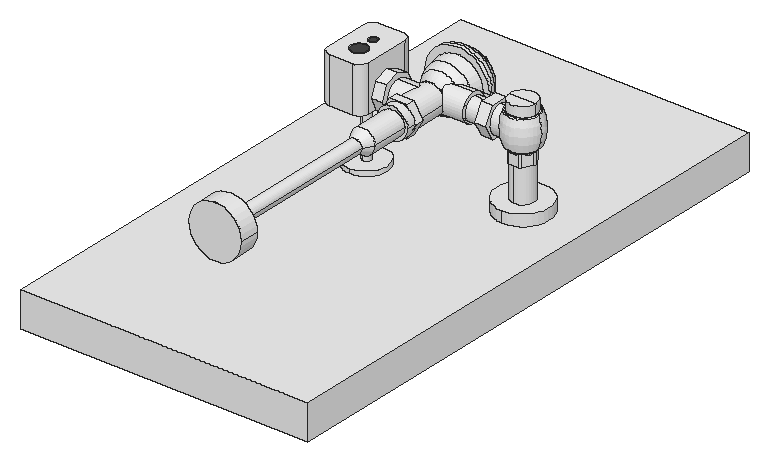
Revit family "Flush_Valve-Sensor-Hardwired-Zurn-Exposed-Urinal-ZEMS6003-IS", category Plumbing Fixtures, host Face, Revit 2022
Family settings
  Host = Face
  Round Connector Dimension = Use Radius
  Part Type = Normal
  OmniClass Number = 23.45.05.14.99
  OmniClass Title = Other Sanitary Washing Plumbing Fixtures
  Cut with Voids When Loaded = No
  Maintain Annotation Orientation = No
  Shared = No
  Room Calculation Point = No
Parameters (values of type "Load Family Type Catalog")
  Waste Connection = 1 = 0  # no
  WFU = 0  # constant formula
  Vent Connection = 1 = 0  # no
  Valve Height [instance] = 16.00"
  Type Comments = "ZEMS6003-ULF-IS (0.125 GPF, 11-1/2\" R-I)"
  Repair Parts URL = "https://files.zurn.com/care-cleaning-install-warranty-sheets/fv343.pdf#page=9"
  Product data URL = "https://www.bimobject.com/en-us/zurnindustries/product/zurn_zems6003-is"
  Product Page URL = "https://www.zurn.com/products/finish-plumbing/sensor-flush-valves/gear-driven-hardwire/zems6003-is"
  Product Installation Sheet URL = "https://files.zurn.com/care-cleaning-install-warranty-sheets/fv343.pdf"
  Product Documentation Link = "https://files.zurn.com/spec-sheets/ss-zems6003-is.pdf"
  Operating Water Pressure (PSI) = "25 – 80 PSI (172 – 552 kPa)"  # constant formula
  Modified Date = "01/08/2026"  # constant formula
  Max Working Water Temperature = 104 °F  # constant formula
  Manufacturer Brand = "Zurn"  # constant formula
  Main Material = Chrome-Plated Brass - Zurn - Polished
  Inlet Connection Size (inch) = 1.00"
  HWFU = 0  # constant formula
  HW Connection = 1 = 0  # no
  Flush Rate (GPF) = "0.125 GPF"
  Enter Value of  Centerline of Flush Valve to Wall (2.25- 4.25) [instance] = 5.00"
  URL = "https://www.zurn.com/"
  Model = "ZEMS6003-IS"  # constant formula
  Manufacturer = "Zurn Water, LLC"  # constant formula
  Description = "Exposed Hardwired Automatic Sensor Flush Valve Urinal with Integral Sensor"  # constant formula
  Default Elevation = 48.00"
  Date Created = "01/08/2026"  # constant formula
  Centerline of Stop Valve to Centerline of Flush Valve = 4.75"  # constant formula
  Centerline of Flush Valve to Wall [instance] = if([Enter Value of  Centerline of Flush Valve to Wall (2.25- 4.25)] < 2.25", 2.25", if([Enter Value of  Centerline of Flush Valve to Wall (2.25- 4.25)] > 4.25", 4.25", [Enter Value of  Centerline of Flush Valve to Wall (2.25- 4.25)]))  # 4.25"
  CWFU = 1  # constant formula
  CW Connection = 1 = 1  # yes
  Assembly Code = "D2010.60"
  Activation Method = "Sensor Operated"  # constant formula
Reference planes (in)
  plane 1 "Center (Front/Back)": y = 0
  plane 2: z = 0
  plane 3 "Center (Left/Right)": x = 0
  plane 4: y = 0
  plane 5: x = 4.75
  plane 6: z = 4.25
  plane 7: z = 4.25
  plane 8: x = 1.44
  plane 9: z = 4.25
  plane 10: y = 22.38
  plane 11: x = -1.2
  plane 12: x = -1.5
  plane 13: y = 13.63
  plane 14: y = 13.13
  plane 15: y = 12.63
  plane 16: z = -2
  plane 17: y = 16
  plane 18: z = 0.625
  plane 19: y = 10.515
  plane 20: y = 9.95
  plane 21: z = 0.25
  plane 22: y = 14.9793
Forms (in)
  Extrusion 1, solid, material "Chrome-Plated Brass - Zurn - Polished" <- "Main Material"
    sketch origin (20.08675, -5.08734, 0) x (1, 0, 0) y (0, 1, 0)
      loop
        line (-28.30267, 32.83734) -> (-28.30267, 1.43535) -> (-11.87083, 1.43535) -> (-11.87083, 32.83734) -> (-28.30267, 32.83734)
    from 0 to -2
  Revolve 2, solid, material "Chrome-Plated Brass - Zurn - Polished" <- "Main Material"
    sketch origin (3.14024, -180, 4.25) x (-1, 0, 0) y (0, -1, 0)
      loop
        line (3.14024, -192.63) -> (3.14024, -181.34) -> (2.76024, -181.34) -> (2.76024, -189.95) -> (2.45274, -190.515) -> (2.45274, -192.63) -> (3.14024, -192.63)
      axis (3.14024, -192.63) -> (3.14024, -181.34)
    angle from 0 to 360
  Extrusion 3, solid, material "Chrome-Plated Brass - Zurn - Polished" <- "Main Material", detail levels fine
    sketch origin (-21.97181, 22.38, 48) x (-1, 0, 0) y (0, 0, 1)
      loop
        line (-22.4168, -42.871) -> (-22.92429, -43.75) -> (-22.4168, -44.629) -> (-21.33031, -44.629) -> (-20.82733, -43.86605) -> (-21.40182, -42.871) -> (-22.4168, -42.871)
    from -8.75 to -9.25
  Extrusion 4, solid, material "Chrome-Plated Brass - Zurn - Polished" <- "Main Material", detail levels fine
    sketch origin (0, 0, 0) x (1, 0, 0) y (0, 0, 1)
      loop
        circle (0, 4.25) r 0.86693
    from -13.13 to -12.63
  Extrusion 5, solid, material "Chrome-Plated Brass - Zurn - Polished" <- "Main Material"
    sketch origin (0, 18.18451, 4.25) x (0, 1, 0) y (-1, 0, 0)
      loop
        circle (-2.18451, -4.75) r 1.5
    from -3.625 to -4.25
  Extrusion 6, solid, material "Chrome-Plated Brass - Zurn - Polished" <- "Main Material"
    sketch origin (0, 18.18451, 4.25) x (0, 1, 0) y (-1, 0, 0)
      loop
        circle (-2.18451, -4.75) r 0.625
    from 0 to -3.625
  Extrusion 7, solid, material "Chrome-Plated Brass - Zurn - Polished" <- "Main Material", detail levels coarse+medium
    sketch origin (0, 0, 0) x (1, 0, 0) y (0, 0, 1)
      loop
        circle (0, 4.25) r 1.08
    from -13.63 to -12.63
  Extrusion 8, solid, material "Chrome-Plated Brass - Zurn - Polished" <- "Main Material"
    sketch origin (0, 18.18451, 4.25) x (0, 1, 0) y (-1, 0, 0)
      loop
        circle (-3.20521, 3.3665) r 0.25
    from -4.25 to 0.879
  Extrusion 9, solid, material "Chrome-Plated Brass - Zurn - Polished" <- "Main Material"
    sketch origin (0, 18.18451, 4.25) x (0, 1, 0) y (-1, 0, 0)
      loop
        circle (-3.20521, 3.3665) r 1.2
    from -4.25 to -4
Lines and regions (in)
  Masking region 1
    outline origin (0, 0, 0) x (1, 0, 0) y (0, 0, 1)
      loop
        line (-2.14, 5.3063) -> (-2.14, 6.1) -> (-4.5305, 6.1) -> (-4.5305, 0) -> (-2.2025, 0) -> (-2.2025, 3.1937) -> (-1.5, 3.1937)
        arc (-1.5, 3.1937) -> (0.15878, 2.42228) -> (1.65968, 3.4682) r 1.8346
        line (1.65968, 3.4682) -> (2.82524, 3.4682) -> (2.82524, 3.24) -> (3.67284, 3.24) -> (3.67284, 0.625) -> (3.25, 0.625) -> (3.25, 0) -> (6.25, 0) -> (6.25, 0.625) -> (5.84, 0.625) -> (5.84, 5.7) -> (3.66, 5.7) -> (3.66, 5.26) -> (2.82524, 5.26) -> (2.82524, 5.03116) -> (1.65999, 5.03116)
        arc (1.65999, 5.03116) -> (0.15914, 6.07769) -> (-1.5, 5.3063) r 1.8346
        line (-1.5, 5.3063) -> (-2.14, 5.3063)
  symbolic lines, detail levels fine
    curve 1: arc (16.13166, 1.53838, 0) -> (16.10438, 1.57544, 0) -> (16.06088, 1.56041, 0) r 0.03882
    curve 2: arc (16.01901, -1.49785, 0) -> (16.0878, -1.52321, 0) -> (16.13166, -1.46447, 0) r 0.06127
Dimensions and locks (in)
  locked: plane 4 to plane 1 "Center (Front/Back)"
  "Centerline of Stop Valve to Centerline of Flush Valve": plane 3 "Center (Left/Right)" to plane 5
  "Centerline of Flush Valve to Wall": plane 6 to Extrusion 1
  locked: plane 7 to plane 6
  locked: plane 3 "Center (Left/Right)" to plane 8 at 1.44
  locked: nested 2 to plane 9 at 1.45
  locked: nested 3 to Revolve 2 sketch curve at 0.75
  locked: plane 11 to plane 3 "Center (Left/Right)" at 1.2
  locked: plane 12 to plane 3 "Center (Left/Right)" at 1.5
  locked: plane 14 to plane 15 at 0.5
  equal spacing: Extrusion 1 sketch curve, plane 3 "Center (Left/Right)", Extrusion 1 sketch curve
  locked: Extrusion 1 sketch curve to Extrusion 1 sketch curve at 16.43183
  locked: plane 4 to Extrusion 1 sketch curve at 3.652
  locked: level to plane 16 at 2
  "Valve Height": plane 17 to plane 4
  locked: plane 18 to level at 0.625
  locked: plane 15 to plane 19 at 2.115
  locked: plane 15 to plane 20 at 2.68
  locked: plane 13 to plane 14 at 0.5
  locked: plane 17 to plane 13 at 2.37
  equal spacing: Masking region 1 sketch curve, nested 3, Masking region 1 sketch curve
  locked: Masking region 1 sketch curve to Masking region 1 sketch curve at 2.1126
  equal spacing: Masking region 1 sketch curve, plane 5, Masking region 1 sketch curve  (x2)
  locked: Masking region 1 sketch curve to Masking region 1 sketch curve at 2.18
  locked: Masking region 1 sketch curve to Masking region 1 sketch curve at 3
  equal spacing: Masking region 1 sketch curve, plane 9, Masking region 1 sketch curve
  locked: Masking region 1 sketch curve to Masking region 1 sketch curve at 2.02
  locked: plane 21 to Extrusion 1 at 0.25
  locked: plane 17 to plane 22 at 1.0207
  locked: plane 3 "Center (Left/Right)" to Revolve 2 sketch curve at 0.38
  aligned and locked: nested 1 to plane 3 "Center (Left/Right)"
  aligned and locked: nested 1 to plane 4
  aligned and locked: nested 1 to plane 7
  aligned and locked: nested 3 to plane 6
  aligned and locked: plane 7 to plane 9
  aligned and locked: Revolve 2 sketch curve to plane 3 "Center (Left/Right)"
  aligned and locked: Extrusion 3 sketch curve to nested 3  (x5)
  aligned and locked: Extrusion 3 to plane 14
  aligned and locked: nested 1 to Extrusion 4 sketch curve  (x2)
  aligned and locked: Extrusion 4 to Extrusion 3
  aligned and locked: Extrusion 4 to plane 15
  aligned and locked: plane 17 to nested 2
  aligned and locked: plane 5 to Extrusion 5 sketch curve
  aligned and locked: plane 17 to Extrusion 5 sketch curve
  aligned and locked: Extrusion 5 to Extrusion 1
  aligned and locked: plane 18 to Extrusion 5
  aligned and locked: nested 2 to Extrusion 6 sketch curve
  aligned and locked: plane 17 to Extrusion 6 sketch curve
  aligned and locked: Extrusion 6 to Extrusion 5
  aligned and locked: nested 3 to Extrusion 6
  aligned and locked: Revolve 2 sketch curve to Extrusion 4
  aligned and locked: Revolve 2 sketch curve to Revolve 2 sketch curve
  aligned and locked: nested 3 to plane 17
  aligned and locked: plane 13 to Extrusion 3
  aligned and locked: nested 1 to Extrusion 7 sketch curve  (x2)
  aligned and locked: plane 13 to Extrusion 7
  aligned and locked: Extrusion 7 to plane 15
  aligned and locked: Masking region 1 sketch curve to nested 2  (x3)
  aligned and locked: Extrusion 1 to Masking region 1 sketch curve
  aligned and locked: Masking region 1 sketch curve to Extrusion 5  (x2)
  aligned and locked: plane 3 "Center (Left/Right)" to Masking region 1 sketch curve
  aligned and locked: nested 1 to Masking region 1 sketch curve  (x3)
  aligned and locked: Extrusion 8 to Extrusion 1
  aligned and locked: Extrusion 3 to Extrusion 8
  aligned and locked: Extrusion 9 to Extrusion 1
  aligned and locked: Extrusion 9 to plane 21
  aligned and locked: nested 4 to nested 3
  aligned and locked: plane 22 to nested 4
  aligned and locked: nested 4 to nested 4
  aligned and locked: nested 4 to plane 7
  aligned and locked: plane 20 to Revolve 2 sketch curve
  aligned and locked: plane 19 to Revolve 2 sketch curve
  aligned and locked: Revolve 2 sketch curve to nested 1
Automatic sketch dimensions
  plane 1 "Center (Front/Back)" to curve 2 = 1.46447"
  plane 5 to curve 2 = 11.32039"
  curve 2 to curve 1 = 0.02245"
  curve 1 to plane 1 "Center (Front/Back)" = 1.53838"
  curve 2 to curve 2 = 0.05138"
  curve 1 to curve 1 = 0.03196"
  curve 1 to curve 1 = 0.03882"
  curve 2 to curve 2 = 0.06127"
  Extrusion 3 sketch curve to plane 3 "Center (Left/Right)" = 0.6415"
  Extrusion 3 sketch curve to plane 6 = 0.11605"
  Extrusion 1 sketch curve to Extrusion 1 sketch curve = 31.402"
  Extrusion 8 sketch curve to plane 17 = 1.0207"
  Extrusion 8 sketch curve to plane 12 = 1.8665"
  Extrusion 9 sketch curve to plane 17 = 1.0207"
  Extrusion 9 sketch curve to plane 12 = 1.8665"
  Masking region 1 sketch curve to level = 0.00"
  Masking region 1 sketch curve to plane 12 = 0.00"  (x2)
  Masking region 1 sketch curve to Masking region 1 sketch curve = 0.64"
  Masking region 1 sketch curve to Masking region 1 sketch curve = 0.7025"
  plane 8 to Masking region 1 sketch curve = 0.21968"
  plane 8 to Masking region 1 sketch curve = 0.21999"
  Masking region 1 sketch curve to Masking region 1 sketch curve = 0.8476"
  Masking region 1 sketch curve to Masking region 1 sketch curve = 0.7937"
  Masking region 1 sketch curve to Masking region 1 sketch curve = 2.328"
  Revolve 2 sketch curve to plane 15 = 0.00"
  plane 1 "Center (Front/Back)" to Revolve 2 sketch curve = 0.69"
  radius of Extrusion 4 sketch curve = 0.86693"
  radius of Extrusion 5 sketch curve = 1.50"
  radius of Extrusion 6 sketch curve = 0.625"
  radius of Extrusion 7 sketch curve = 1.08"
  radius of Extrusion 8 sketch curve = 0.25"
  radius of Extrusion 9 sketch curve = 1.20"
Nested families (in)
  nested 1: "1.Part_Tube_ genric" at (0, -3.28111, 4.25) x (-1, 0, 0) z (0, 1, 0), type "1.Part_Tube_ genric"
  nested 2: "3. Stop Valve" at (4.75, 16, 4.2375) x (-1, 0, 0) z (0, 0, 1), type "Family2"
  nested 3: "Manual FV-Head" at (-0.0625, 13.6333, 4.25) x (-1, 0, 0) z (0, 1, 0), type "Manual FV-Head"
  nested 4: "-IS Actuator" at (-3.3665, 9.89319, 6.1) x (1, 0, 0) z (0, 1, 0), type "-IS Actuator"
Connectors (in)
  piping at (4.75, 16, 0), diameter 2, driven by "Inlet Connection Size (inch)", driven by "CW Connection"
    settings: on Extrusion 5, index 1, connector inside diameter 24", connector length 0.00", flow factor 0, pipe flow 0 GPM, pressure drop 0.00 psi, fitting loss kfactor 0, connector angle 0.00°, fixture units 0, engagement length 0.00", angle of deflection 0.00°, flow configuration 0, flow direction 1, fitting loss method 0, system type 20, joint type 0, gender type 0, connector reference index -1, connector utility 1, adjustable connector no, is connector primary yes, connector description "Domestic Water inlet"
Definition of nested family "1.Part_Tube_ genric"
  Parameters (values of type "1.Part_Tube_ genric")
    Default Elevation = 48.00"
  Reference planes (in)
    plane 1 "Center (Front/Back)": y = 0
    plane 2: z = 3.28111
    plane 3 "Center (Left/Right)": x = 0
    plane 4: x = -1.5
    plane 5: x = 1.5
    plane 6: z = 4.37111
    plane 7: z = 4.62111
  Forms (in)
    Extrusion 1, solid, detail levels fine
      sketch origin (0, 0, 3.28111) x (1, 0, 0) y (0, 1, 0)
        loop
          circle (0, 0) r 1.5
      from 0 to 1.09
    Extrusion 2, solid, detail levels fine
      sketch origin (0, 0, 3.28111) x (1, 0, 0) y (0, 1, 0)
        loop
          line (1.14898, -0.00001) -> (0.57452, 0.995) -> (-0.57453, 0.995) -> (-1.14898, 0.00001) -> (-0.57452, -0.995) -> (0.57453, -0.995) -> (1.14898, -0.00001)
      from 1.09 to 1.34
    Revolve 3, solid, detail levels coarse+medium
      sketch origin (0, 0, 0) x (1, 0, 0) y (0, 0, 1)
        loop
          line (-1.14898, 4.62111) -> (-1.14898, 4.37111) -> (-1.5, 4.37111) -> (-1.5, 3.28111) -> (0, 3.28111) -> (0, 4.62111) -> (-1.14898, 4.62111)
        axis (0, 4.62111) -> (0, 3.28111)
      angle from 0 to 360
  Dimensions and locks (in)
    equal spacing: plane 5, plane 3 "Center (Left/Right)", plane 4, locked at 1.5 each
    locked: plane 3 "Center (Left/Right)" to plane 4 at 1.5
    locked: plane 6 to level at 1.09
    locked: plane 7 to plane 6 at 0.25
    equal spacing: Extrusion 2 sketch curve, plane 1 "Center (Front/Back)", Extrusion 2 sketch curve
    locked: Extrusion 2 sketch curve to Extrusion 2 sketch curve at 1.99
    equal spacing: Extrusion 2 sketch curve, plane 3 "Center (Left/Right)", Extrusion 2 sketch curve  (x2)
    locked: Extrusion 2 sketch curve to Extrusion 2 sketch curve at 1.99011
    locked: Extrusion 2 sketch curve to Extrusion 2 sketch curve at 1.99009
    locked: Extrusion 2 sketch curve to Extrusion 2 sketch curve (angle 120.00°)  (x5)
    angle Extrusion 2 sketch curve to Extrusion 2 sketch curve = 120.00°
    aligned and locked: plane 2 to level
    aligned and locked: plane 3 "Center (Left/Right)" to Extrusion 1 sketch curve
    aligned and locked: plane 1 "Center (Front/Back)" to Extrusion 1 sketch curve
    aligned and locked: plane 6 to Extrusion 1
    aligned and locked: plane 7 to Extrusion 2
    aligned and locked: Extrusion 2 to Extrusion 1
    aligned and locked: Revolve 3 sketch curve to Extrusion 2
    aligned and locked: plane 6 to Revolve 3 sketch curve
    aligned and locked: Revolve 3 sketch curve to plane 4
    aligned and locked: Revolve 3 sketch curve to level
    aligned and locked: Revolve 3 sketch curve to plane 3 "Center (Left/Right)"  (x2)
    aligned and locked: Extrusion 2 to Revolve 3 sketch curve
  Automatic sketch dimensions
    Revolve 3 sketch curve to level = 0.41"
    plane 7 to Revolve 3 sketch curve = 0.50"
    radius of Extrusion 1 sketch curve = 1.50"
Definition of nested family "3. Stop Valve"
  Parameters (values of type "Family2")
    Default Elevation = 0.00"
  Reference planes (in)
    plane 1 "Center (Front/Back)": y = 0
    plane 2: z = 0
    plane 3 "Center (Left/Right)": x = 0
  Dimensions and locks (in)
    aligned and locked: plane 2 to level
  Nested families (in)
    nested 1: "Stop Valve_ plumbing Fixture_ Genric Template" at (0, 0, 0) x (-1, 0, 0) z (0, -1, 0), type "3.Part_ Stop Valve"
  Definition of nested family "Stop Valve_ plumbing Fixture_ Genric Template"
    Parameters (values of type "3.Part_ Stop Valve")
      Stop Body Finish = none
      Default Elevation = 48.00"
      Assembly Code = ""
    Reference planes (in)
      plane 1 "Center (Front/Back)": y = 0
      plane 2: z = 0
      plane 3 "Center (Left/Right)": x = 0
      plane 4: x = -3.1
      plane 5 "Middle Plane": z = 0
      plane 6: x = 0
      plane 7: x = -3.1
    Forms (in)
      Revolve 1, solid, material <- "Stop Body Finish", detail levels fine
        sketch origin (5.11008, 2.28141, 0) x (-1, 0, 0) y (0, -1, 0)
          loop
            line (4.36008, 3.18991) -> (4.25498, 3.18991)
            arc (4.25498, 3.18991) -> (4.22986, 3.18245) -> (4.21289, 3.16248) r 0.046
            arc (4.21289, 3.16248) -> (4.03022, 2.31942) -> (4.19363, 1.47241) r 2.15
            line (4.19363, 1.47241) -> (4.27508, 1.47241)
            arc (4.27508, 1.47241) -> (4.36347, 1.4358) -> (4.40008, 1.34741) r 0.125
            line (4.40008, 1.34741) -> (4.40008, 1.29134) -> (4.46008, 1.18741) -> (5.11008, 1.18741) -> (5.11008, 3.74391) -> (4.36008, 3.74391) -> (4.36008, 3.18991)
          axis (5.11008, 3.74391) -> (5.11008, 1.18741)
        angle from 0 to 360
      Revolve 2, solid, material <- "Stop Body Finish", detail levels fine
        sketch origin (5.11008, 2.29491, 0) x (-1, 0, 0) y (0, -1, 0)
          loop
            line (6.40484, 2.29491) -> (6.40484, 3.07741) -> (4.98008, 3.07741) -> (4.98008, 2.29491) -> (6.40484, 2.29491)
          axis (4.98008, 2.29491) -> (6.40484, 2.29491)
        angle from 0 to 360
      Extrusion 3, solid, material <- "Stop Body Finish", detail levels fine
        sketch origin (0, 0.96642, 0) x (1, 0, 0) y (0, 0, -1)
          loop
            line (-0.70575, -0.07761) -> (-0.42009, -0.57239)
            arc (-0.42009, -0.57239) -> (-0.355, -0.61488) -> (-0.28566, -0.65) r 0.71
            line (-0.28566, -0.65) -> (0.28566, -0.65)
            arc (0.28566, -0.65) -> (0.355, -0.61488) -> (0.42009, -0.57239) r 0.71
            line (0.42009, -0.57239) -> (0.70575, -0.07761)
            arc (0.70575, -0.07761) -> (0.71, 0) -> (0.70575, 0.07761) r 0.71
            line (0.70575, 0.07761) -> (0.42009, 0.57239)
            arc (0.42009, 0.57239) -> (0.355, 0.61488) -> (0.28566, 0.65) r 0.71
            line (0.28566, 0.65) -> (-0.28566, 0.65)
            arc (-0.28566, 0.65) -> (-0.355, 0.61488) -> (-0.42009, 0.57239) r 0.71
            line (-0.42009, 0.57239) -> (-0.70575, 0.07761)
            arc (-0.70575, 0.07761) -> (-0.71, 0) -> (-0.70575, -0.07761) r 0.71
        from 0 to 0.70508
      Extrusion 4, solid, material <- "Stop Body Finish", detail levels fine
        sketch origin (-1.29476, 0, 0) x (0, 0, -1) y (0, -1, 0)
          loop
            line (-0.50085, 0.8675) -> (-1.0017, 0) -> (-0.50085, -0.8675) -> (0.50085, -0.8675) -> (1.0017, 0) -> (0.50085, 0.8675) -> (-0.50085, 0.8675)
        from 0 to 0.63
      Extrusion 5, solid, detail levels fine
        sketch origin (-1.92476, 0, 0) x (0, 0, -1) y (0, -1, 0)
          loop
            circle (0, 0) r 0.6385
        from 0 to 1.17524
      Extrusion 6, solid, detail levels coarse+medium
        sketch origin (0, 0, 0) x (1, 0, 0) y (0, 0, 1)
          loop
            circle (0, 0) r 1.085
        from 1.4625 to -1.6715
      Revolve 7, solid, detail levels coarse+medium
        sketch origin (0, 0, 0) x (1, 0, 0) y (0, 1, 0)
          loop
            line (-3.1, 0) -> (0, 0) -> (0, 0.7825) -> (-1.29476, 0.7825) -> (-1.29476, 0.995) -> (-1.92476, 0.995) -> (-1.92476, 0.64096) -> (-3.1, 0.64096) -> (-3.1, 0)
          axis (-3.1, 0) -> (0, 0)
        angle from 0 to 360
    Cuts and joins
      joined: Revolve 1, Revolve 2, Extrusion 3, Extrusion 4
    Lines and regions (in)
      model lines, not visible
        curve 1: circle (0, -1.4625, 0) r 0.75 normal (0, -1, 0)
        curve 2: circle (0, 1.6715, 0.02784) r 0.71055 normal (0, -1, 0)
        curve 3: line (-1.29476, -0.7825, 0) -> (-0.93627, -0.7825, 0)
        curve 4: line (-0.93627, -0.7825, 0) -> (-0.89082, -0.9085, 0)
        curve 5: line (-0.75, -1.4625, 0) -> (-0.75, -0.9085, 0)
        curve 8: arc (0.86386, -0.9085, 0) -> (1.07581, -0.05543, 0) -> (0.91645, 0.809, 0) r 2.07986
        curve 9: line (0.71055, 1.6715, 0) -> (0.71055, 0.809, 0)
        curve 10: line (-0.71, 1.6715, 0) -> (-0.71, 0.809, 0)
        curve 11: line (-0.92722, 0.7825, 0) -> (-1.29476, 0.7825, 0)
      model lines, not visible, detail levels coarse+medium
        curve 6: line (0.75, -1.4625, 0) -> (0.75, -0.9085, 0)
        curve 7: line (0.75, -0.9085, 0) -> (0.86386, -0.9085, 0)
    Dimensions and locks (in)
      plane 3 "Center (Left/Right)" to plane 4 = 3.10"
      locked: plane 1 "Center (Front/Back)" to Revolve 7 sketch curve at 0.64096
      plane 1 "Center (Front/Back)" to Revolve 7 sketch curve = 0.995"
      locked: plane 5 "Middle Plane" to level
      locked: plane 6 to plane 3 "Center (Left/Right)"
      locked: plane 7 to plane 6 at 3.1
      aligned and locked: level to plane 2
      aligned and locked: plane 1 "Center (Front/Back)" to Extrusion 5 sketch curve
      aligned and locked: level to Extrusion 5 sketch curve
      aligned and locked: Extrusion 5 to plane 4
      aligned and locked: plane 3 "Center (Left/Right)" to Extrusion 6 sketch curve
      aligned and locked: level to Extrusion 6 sketch curve
      aligned and locked: Extrusion 6 to curve 2
      aligned and locked: Extrusion 6 to curve 1
      aligned and locked: Revolve 7 sketch curve to plane 3 "Center (Left/Right)"
      aligned and locked: plane 1 "Center (Front/Back)" to Revolve 7 sketch curve  (x2)
      aligned and locked: Revolve 7 sketch curve to cut or joined group of Revolve 1, Revolve 2, Extrusion 3, Extrusion 4  (x2)
      aligned and locked: Revolve 7 sketch curve to curve 11
      aligned and locked: plane 4 to Revolve 7 sketch curve
Definition of nested family "Manual FV-Head"
  Parameters (values of type "Manual FV-Head")
    Repair Parts URL = ""
    Product data URL = ""
    Product Weight (lbs) = 0
    Product Page URL = ""
    Product Installation Sheet URL = ""
    Product Documentation Link = ""
    Operating Water Pressure (PSI) = ""
    Modified Date = ""
    Max Working Water Temperature = -459.67 °F
    Manufacturer Brand = ""
    Main Material = none
    Inlet Connection Size (inch) = 0.00"
    Flush Rate (GPF) = ""
    Flow Rate (GPM) = 0 GPM
    Default Elevation = 48.00"
    Date Created = ""
    Aerator Flow Rate (GPM) = 0.0 gal
    Activation Method = ""
  Reference planes (in)
    plane 1 "Center (Front/Back)": y = 0
    plane 2: z = 0
    plane 3 "Center (Left/Right)": x = 0
    plane 4: z = 3.703
    plane 5: z = 4.843
    plane 6: x = 1.8325
    plane 7: x = 1.25
    plane 8: z = 4.07
    plane 9: z = 4.843
    plane 10: z = 5.113
    plane 11: x = -1.452
    plane 12: x = -0.8395
    plane 13: z = 2.69
    plane 14: z = 1.346
    plane 15: z = 1.261
    plane 16: x = 1.45
    plane 17: x = 2.14
    plane 18: x = 2.74
    plane 19: x = 5.75
    plane 20: z = 2.3667
    plane 21: x = -2
  Forms (in)
    Revolve 1, solid, material <- "Main Material", detail levels fine
      sketch origin (0, 0, 0) x (1, 0, 0) y (0, 0, 1)
        loop
          line (0, 3.703) -> (1.8325, 3.703) -> (1.8325, 3.9027)
          arc (1.8325, 3.9027) -> (1.80666, 4.06135) -> (1.73182, 4.20361) r 0.5
          line (1.73182, 4.20361) -> (1.40003, 4.64391)
          arc (1.40003, 4.64391) -> (1.22381, 4.79047) -> (1.00071, 4.843) r 0.5
          line (1.00071, 4.843) -> (0, 4.843) -> (0, 3.703)
        axis (0, 4.843) -> (0, 3.703)
      angle from 0 to 360
    Extrusion 2, solid, material <- "Main Material", detail levels fine
      sketch origin (0, 0, 0) x (1, 0, 0) y (0, 1, 0)
        loop
          line (-0.50749, 0.879) -> (-1.01498, 0) -> (-0.50749, -0.879) -> (0.50749, -0.879) -> (1.01498, 0) -> (0.50749, 0.879) -> (-0.50749, 0.879)
      from 4.843 to 5.113
    Revolve 3, solid, material <- "Main Material", detail levels fine
      sketch origin (0, 0, 0) x (1, 0, 0) y (0, 0, 1)
        loop
          line (0, 1.8) -> (0, 3.703) -> (-1.452, 3.703) -> (-1.33315, 2.99744)
          arc (-1.33315, 2.99744) -> (-1.25374, 2.71616) -> (-1.11572, 2.45853) r 1.35193
          arc (-1.11572, 2.45853) -> (-0.91135, 2.15706) -> (-0.8395, 1.8) r 0.92309
          line (-0.8395, 1.8) -> (0, 1.8)
        axis (0, 3.703) -> (0, 1.8)
      angle from 0 to 360
    Extrusion 4, solid, material <- "Main Material"
      sketch origin (0, 0, 0) x (0, 1, 0) y (0, 0, 1)
        loop
          circle (0, 1.261) r 0.764
      from 0 to 1.45
    Extrusion 5, solid, material <- "Main Material"
      sketch origin (0, 0, 0) x (0, 1, 0) y (0, 0, 1)
        loop
          circle (0, 1.261) r 0.639
      from 2.14 to 2.74
    Extrusion 6, solid, material <- "Main Material", detail levels coarse+medium
      sketch origin (0, 0, 0) x (0, 1, 0) y (0, 0, 1)
        loop
          circle (0, 1.261) r 1.0563
      from 2.14 to 1.45
    Revolve 7, solid, material <- "Main Material", detail levels coarse+medium
      sketch origin (0, 0, 0) x (1, 0, 0) y (0, 0, 1)
        loop
          line (0, 1.8) -> (0.8395, 1.8)
          arc (0.8395, 1.8) -> (1.2915, 2.70924) -> (1.5, 3.703) r 4
          line (1.5, 3.703) -> (1.8484, 3.703) -> (1.8484, 4.843) -> (1.01498, 4.843) -> (1.01498, 5.113) -> (0, 5.113) -> (0, 1.8)
        axis (0, 5.113) -> (0, 1.8)
      angle from 0 to 360
    Extrusion 8, solid, material <- "Main Material"
      sketch origin (0, 0, 0) x (1, 0, 0) y (0, 1, 0)
        loop
          circle (0, 0) r 0.8143
      from 0 to 1.8
    Extrusion 9, solid, material <- "Main Material", detail levels fine
      sketch origin (0, 0, 0) x (0, 1, 0) y (0, 0, 1)
        loop
          line (0, 2.311) -> (-0.74246, 2.00346) -> (-1.05, 1.261) -> (-0.74246, 0.51854) -> (0, 0.211) -> (0.74246, 0.51854) -> (1.05, 1.261) -> (0.74246, 2.00346) -> (0, 2.311)
      from 1.45 to 2.14
    Extrusion 10, solid, material <- "Main Material"
      sketch origin (0, 0, 0) x (0, 1, 0) y (0, 0, 1)
        loop
          circle (0, 2.3667) r 0.7813
      from -2 to 0
  Dimensions and locks (in)
    locked: level to plane 4 at 3.703
    locked: plane 4 to plane 5 at 1.14
    locked: plane 4 to plane 8 at 0.367
    equal spacing: Extrusion 2 sketch curve, plane 3 "Center (Left/Right)", Extrusion 2 sketch curve, locked at 1.01498 each
    equal spacing: Extrusion 2 sketch curve, plane 3 "Center (Left/Right)", Extrusion 2 sketch curve, locked at 0.879 each  (x2)
    locked: plane 9 to plane 4 at 1.14
    locked: plane 10 to plane 9 at 0.27
    locked: plane 3 "Center (Left/Right)" to plane 11 at 1.452
    locked: plane 3 "Center (Left/Right)" to plane 12 at 0.8395
    locked: plane 13 to level at 2.69
    locked: Revolve 3 sketch curve to plane 13 at 0.532
    locked: plane 13 to Revolve 3 sketch curve at 0.89
    equal spacing: plane 3 "Center (Left/Right)", Revolve 3 sketch curve, Revolve 3 sketch curve
    locked: plane 14 to level at 1.346
    locked: plane 15 to level at 1.261
    equal spacing: Extrusion 2 sketch curve, plane 1 "Center (Front/Back)", Extrusion 2 sketch curve, locked at 0.879 each
    locked: Revolve 7 sketch curve to plane 3 "Center (Left/Right)" at 1.8484
    locked: Revolve 7 sketch curve to Revolve 7 sketch curve at 2.48735
    locked: Revolve 7 sketch curve to plane 4 at 0.31782
    equal spacing: Extrusion 9 sketch curve, plane 15, Extrusion 9 sketch curve  (x4)
    locked: Extrusion 9 sketch curve to Extrusion 9 sketch curve at 1.94015  (x4)
    locked: plane 16 to plane 3 "Center (Left/Right)" at 1.45
    locked: plane 17 to plane 16 at 0.69
    locked: plane 18 to plane 3 "Center (Left/Right)" at 2.74
    locked: plane 19 to plane 3 "Center (Left/Right)" at 5.75
    locked: plane 20 to level at 2.3667
    locked: plane 3 "Center (Left/Right)" to plane 21 at 2
    radius of Extrusion 8 sketch curve = 0.8143"
    locked: Extrusion 2 sketch curve to Extrusion 2 sketch curve (angle 120.00°)  (x4)
    angle Extrusion 2 sketch curve to Extrusion 2 sketch curve = 120.00°
    locked: Extrusion 9 sketch curve to Extrusion 9 sketch curve (angle 135.00°)  (x7)
    angle Extrusion 9 sketch curve to Extrusion 9 sketch curve = 135.00°
    aligned and locked: plane 2 to level
    aligned and locked: Revolve 1 sketch curve to plane 3 "Center (Left/Right)"  (x2)
    aligned and locked: plane 5 to Revolve 1 sketch curve
    aligned and locked: Extrusion 2 to plane 9
    aligned and locked: plane 10 to Extrusion 2
    aligned and locked: plane 11 to Revolve 3 sketch curve
    aligned and locked: plane 12 to Revolve 3 sketch curve
    aligned and locked: Revolve 3 sketch curve to Revolve 3 sketch curve
    aligned and locked: plane 3 "Center (Left/Right)" to Revolve 3 sketch curve
    aligned and locked: plane 4 to Revolve 3 sketch curve
    aligned and locked: Revolve 3 sketch curve to plane 3 "Center (Left/Right)"
    aligned and locked: plane 15 to Extrusion 4 sketch curve
    aligned and locked: plane 1 "Center (Front/Back)" to Extrusion 4 sketch curve
    aligned and locked: plane 1 "Center (Front/Back)" to Extrusion 5 sketch curve
    aligned and locked: plane 15 to Extrusion 5 sketch curve
    aligned and locked: plane 1 "Center (Front/Back)" to Extrusion 6 sketch curve
    aligned and locked: plane 15 to Extrusion 6 sketch curve
    aligned and locked: Revolve 7 sketch curve to Extrusion 2
    aligned and locked: plane 10 to Revolve 7 sketch curve
    aligned and locked: Revolve 7 sketch curve to plane 3 "Center (Left/Right)"  (x2)
    aligned and locked: Revolve 7 sketch curve to plane 4
    aligned and locked: plane 9 to Revolve 7 sketch curve
    aligned and locked: Revolve 3 to Revolve 7 sketch curve
    aligned and locked: plane 3 "Center (Left/Right)" to Extrusion 8 sketch curve
    aligned and locked: plane 1 "Center (Front/Back)" to Extrusion 8 sketch curve
    aligned and locked: Extrusion 8 to Revolve 3
    aligned and locked: Extrusion 8 to level
    aligned and locked: plane 16 to Extrusion 4
    aligned and locked: Extrusion 4 to plane 3 "Center (Left/Right)"
    aligned and locked: plane 17 to Extrusion 9
    aligned and locked: Extrusion 9 to Extrusion 4
    aligned and locked: plane 18 to Extrusion 5
    aligned and locked: Extrusion 5 to Extrusion 9
    aligned and locked: Extrusion 6 to Extrusion 9
    aligned and locked: plane 1 "Center (Front/Back)" to Extrusion 10 sketch curve
    aligned and locked: plane 20 to Extrusion 10 sketch curve
    aligned and locked: plane 3 "Center (Left/Right)" to Extrusion 10
    aligned and locked: Extrusion 10 to plane 21
  Automatic sketch dimensions
    plane 1 "Center (Front/Back)" to Extrusion 2 sketch curve = 0.00"
    Extrusion 2 sketch curve to plane 3 "Center (Left/Right)" = 0.50749"
    plane 6 to Revolve 1 sketch curve = 0.00"
    Revolve 1 sketch curve to plane 4 = 0.00"
    plane 7 to Revolve 1 sketch curve = 0.24929"
    Revolve 1 sketch curve to plane 7 = 0.0825"
    Revolve 1 sketch curve to plane 7 = 0.15003"
    plane 6 to Revolve 1 sketch curve = 0.10068"
    Revolve 1 sketch curve to plane 4 = 0.5634"
    Revolve 1 sketch curve to Revolve 1 sketch curve = 0.2966"
    Revolve 3 sketch curve to plane 3 "Center (Left/Right)" = 0.00"
    Revolve 3 sketch curve to plane 11 = 0.31059"
    plane 11 to Revolve 3 sketch curve = 0.11885"
    Revolve 3 sketch curve to Revolve 3 sketch curve = 0.16645"
    Revolve 3 sketch curve to Revolve 3 sketch curve = 0.21859"
    Extrusion 2 sketch curve to Extrusion 2 sketch curve = 0.50749"
    Revolve 7 sketch curve to Revolve 7 sketch curve = 0.3484"
    plane 14 to Revolve 7 sketch curve = 0.15706"
    Revolve 7 sketch curve to Revolve 7 sketch curve = 0.39006"
    Extrusion 9 sketch curve to plane 15 = 0.00"
    radius of Extrusion 4 sketch curve = 0.764"
    radius of Extrusion 5 sketch curve = 0.639"
    radius of Extrusion 6 sketch curve = 1.0563"
    radius of Extrusion 10 sketch curve = 0.7813"
Definition of nested family "-IS Actuator"
  Parameters (values of type "-IS Actuator")
    Main Material = none
    Default Elevation = 48.00"
  Reference planes (in)
    plane 1 "Center (Front/Back)": y = 0
    plane 2: z = 3.28111
    plane 3 "Center (Left/Right)": x = 0
    plane 4: z = 6.89111
    plane 5: y = 2.6
    plane 6: x = -1.164
    plane 7: x = 1.164
    plane 8: z = 5.08611
    plane 9: z = 5.56311
    plane 10: z = 4.56311
    plane 11: y = 0.25
    plane 12: y = 1.85
  Forms (in)
    Extrusion 1, void
      sketch origin (0, 0, 0) x (1, 0, 0) y (0, 0, 1)
        loop
          circle (0, 5.56311) r 0.235
        loop
          circle (0, 4.56311) r 0.4575
      from -0.25 to 0
    Extrusion 2, solid
      sketch origin (0, 0, 0) x (1, 0, 0) y (0, 0, 1)
        loop
          circle (0, 5.56311) r 0.235
        loop
          circle (0, 4.56311) r 0.4575
      from -0.25 to 0
    Extrusion 3, solid, material <- "Main Material", detail levels fine
      sketch origin (0, 0, 0) x (1, 0, 0) y (0, 0, 1)
        loop
          arc (-0.664, 6.89111) -> (-1.01755, 6.74466) -> (-1.164, 6.39111) r 0.5
          line (-1.164, 6.39111) -> (-1.164, 3.78111)
          arc (-1.164, 3.78111) -> (-1.01755, 3.42755) -> (-0.664, 3.28111) r 0.5
          line (-0.664, 3.28111) -> (0.664, 3.28111)
          arc (0.664, 3.28111) -> (1.01755, 3.42755) -> (1.164, 3.78111) r 0.5
          line (1.164, 3.78111) -> (1.164, 6.39111)
          arc (1.164, 6.39111) -> (1.01755, 6.74466) -> (0.664, 6.89111) r 0.5
          line (0.664, 6.89111) -> (-0.664, 6.89111)
      from -2.6 to 0
    Extrusion 4, solid, material <- "Main Material", detail levels coarse+medium
      sketch origin (0, 0, 0) x (1, 0, 0) y (0, 0, 1)
        loop
          line (-1.164, 6.89111) -> (-1.164, 3.28111) -> (1.164, 3.28111) -> (1.164, 6.89111) -> (-1.164, 6.89111)
      from -2.6 to 0
    Extrusion 5, void
      sketch origin (0, 0, 0) x (1, 0, 0) y (0, 0, 1)
        loop
          circle (0, 5.56311) r 0.235
        loop
          circle (0, 4.56311) r 0.4575
      from -0.25 to 0
  Cuts and joins
    Extrusion 1 cuts Extrusion 3
    Extrusion 5 cuts Extrusion 4
  Dimensions and locks (in)
    equal spacing: plane 6, plane 3 "Center (Left/Right)", plane 7
    locked: plane 6 to plane 3 "Center (Left/Right)" at 1.164
    locked: plane 1 "Center (Front/Back)" to plane 5 at 2.6
    locked: plane 4 to level at 3.61
    equal spacing: plane 4, plane 8, level
    locked: plane 8 to plane 10 at 0.523
    locked: plane 9 to plane 10 at 1
    locked: plane 1 "Center (Front/Back)" to plane 11 at 0.25
    locked: plane 5 to plane 12 at 0.75
    aligned and locked: plane 2 to level
    aligned and locked: plane 3 "Center (Left/Right)" to Extrusion 1 sketch curve
    aligned and locked: plane 9 to Extrusion 1 sketch curve
    aligned and locked: plane 11 to Extrusion 1
    aligned and locked: plane 1 "Center (Front/Back)" to Extrusion 1
    aligned and locked: plane 11 to Extrusion 2
    aligned and locked: plane 1 "Center (Front/Back)" to Extrusion 2
    aligned and locked: Extrusion 3 sketch curve to plane 4
    aligned and locked: plane 6 to Extrusion 3 sketch curve
    aligned and locked: level to Extrusion 3 sketch curve
    aligned and locked: Extrusion 3 sketch curve to plane 7
    aligned and locked: plane 5 to Extrusion 3
    aligned and locked: plane 1 "Center (Front/Back)" to Extrusion 3
    aligned and locked: Extrusion 4 sketch curve to plane 4
    aligned and locked: plane 6 to Extrusion 4 sketch curve
    aligned and locked: level to Extrusion 4 sketch curve
    aligned and locked: Extrusion 4 sketch curve to plane 7
    aligned and locked: plane 5 to Extrusion 4
    aligned and locked: plane 1 "Center (Front/Back)" to Extrusion 4
    aligned and locked: Extrusion 5 sketch curve to cut or joined group of Extrusion 1, Extrusion 3  (x4)
    aligned and locked: plane 11 to Extrusion 5
    aligned and locked: plane 1 "Center (Front/Back)" to Extrusion 5
  Automatic sketch dimensions
    Extrusion 1 sketch curve to plane 3 "Center (Left/Right)" = 0.00"
    Extrusion 1 sketch curve to plane 10 = 0.00"
    Extrusion 2 sketch curve to plane 9 = 0.00"  (x2)
    Extrusion 2 sketch curve to plane 10 = 0.00"  (x2)
    Extrusion 3 sketch curve to plane 4 = 0.00"
    plane 6 to Extrusion 3 sketch curve = 0.50"
    Extrusion 3 sketch curve to plane 4 = 0.50"
    Extrusion 3 sketch curve to plane 7 = 0.50"  (x2)
    Extrusion 5 sketch curve to plane 10 = 0.00"  (x2)
    radius of Extrusion 1 sketch curve = 0.235"
    radius of Extrusion 1 sketch curve = 0.4575"
Types in the file's own list only (12): name | Type Comments | Inlet Connection Size (inch) | Flush Rate (GPF) | Default Elevation | Centerline of Stop Valve to Centerline of Flush Valve
  ZEMS6003-ULF-IS (0.125 GPF, 11-1/2") | "ZEMS6003-ULF-IS (0.125 GPF, 11-1/2\" R-I)" | 1.00 " | "0.125 GPF" | 48.00 " | 4.75 "
  ZEMS6003-EWS-IS (0.5 GPF, 11-1/2") | "ZEMS6003-EWS-IS (0.5 GPF, 11-1/2\" R-I)" | 1.00 " | "0.5 GPF" | 48.00 " | 4.75 "
  ZEMS6003-WS1-IS (1.0 GPF, 11-1/2") | "ZEMS6003-WS1-IS (1.0 GPF, 11-1/2\" R-I)" | 1.00 " | "1.0 GPF" | 48.00 " | 4.75 "
  ZEMS6003-IS (1.5 GPF, 11-1/2") | "ZEMS6003-IS (1.5 GPF, 11-1/2\" R-I)" | 1.00 " | "1.5 GPF" | 48.00 " | 4.75 "
  ZEMS6003-1-ULF-IS (0.125 GPF, 16") | "ZEMS6003-1-ULF-IS (0.125 GPF, 16\" R-I)" | 1.00 " | "0.125 GPF" | 48.00 " | 4.75 "
  ZEMS6003-1-EWS-IS (0.5 GPF, 16") | "ZEMS6003-1-EWS-IS (0.5 GPF, 16\" R-I)" | 1.00 " | "0.5 GPF" | 48.00 " | 4.75 "
  ZEMS6003-1-WS1-IS (1.0 GPF, 16") | "ZEMS6003-1-WS1-IS (1.0 GPF, 16\" R-I)" | 1.00 " | "1.0 GPF" | 48.00 " | 4.75 "
  ZEMS6003-1-IS (1.5 GPF, 16") | "ZEMS6003-1-IS (1.5 GPF, 16\" R-I)" | 1.00 " | "1.5 GPF" | 48.00 " | 4.75 "
  ZEMS6003-2-ULF-IS (0.125 GPF, 24") | "ZEMS6003-2-ULF-IS (0.125 GPF, 24\" R-I)" | 1.00 " | "0.125 GPF" | 48.00 " | 4.75 "
  ZEMS6003-2-EWS-IS (0.5 GPF, 24") | "ZEMS6003-2-EWS-IS (0.5 GPF, 24\" R-I)" | 1.00 " | "0.5 GPF" | 48.00 " | 4.75 "
  ZEMS6003-2-WS1-IS (1.0 GPF, 24") | "ZEMS6003-2-WS1-IS (1.0 GPF, 24\" R-I)" | 1.00 " | "1.0 GPF" | 48.00 " | 4.75 "
  ZEMS6003-2-IS (1.5 GPF, 24") | "ZEMS6003-2-IS (1.5 GPF, 24\" R-I)" | 1.00 " | "1.5 GPF" | 48.00 " | 4.75 "
